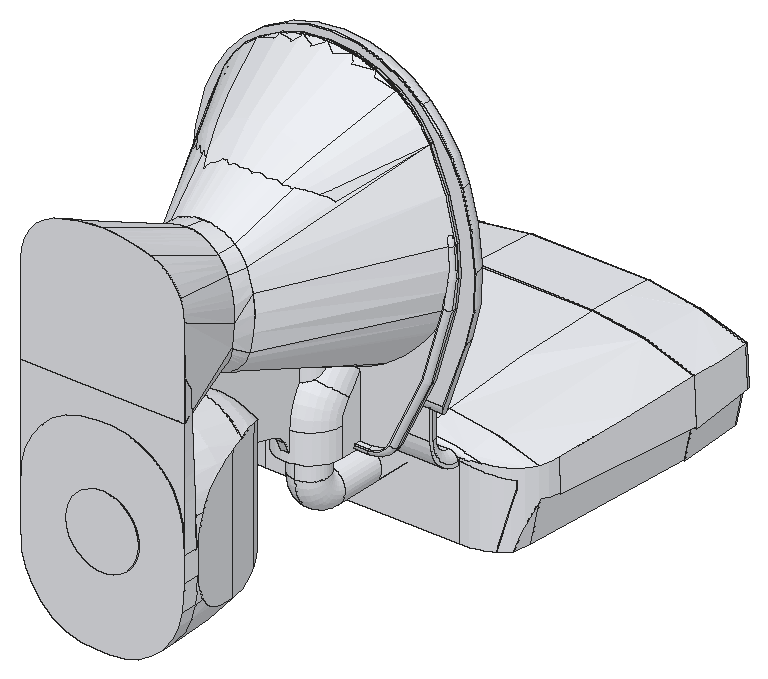
Revit family "WC-Caroma Slimline Concorde Connector Suite", category Plumbing Fixtures, host Face, Revit 2012 (continued)
Automatic sketch dimensions
  Sweep 7 sketch curve to plane 9 "Center (Front/Back)" = 148.454 mm
  plane 4 "Left" to Sweep 7 sketch curve = 228.043 mm
  Sweep 7 sketch curve to plane 4 "Left" = 48.096 mm
  Sweep 7 sketch curve to Sweep 7 sketch curve = 0 mm  (x5)
  Sweep 7 sketch curve to plane 9 "Center (Front/Back)" = 17.857 mm  (x2)
  Sweep 7 sketch curve to Sweep 7 sketch curve = 2.116 mm
  Sweep 7 sketch curve to Sweep 7 sketch curve = 30.166 mm
  Sweep 7 sketch curve to Sweep 7 sketch curve = 1.452 mm  (x2)
  Sweep 7 sketch curve to plane 11 "Cistern" = 8.091 mm  (x2)
  Sweep 7 sketch curve to plane 3 "Center (Left/Right)" = 99.154 mm
  Sweep 7 sketch curve to plane 10 "S Trap" = 8.657 mm
  Sweep 7 sketch curve to Sweep 7 sketch curve = 36.301 mm
  Sweep 7 sketch curve to plane 3 "Center (Left/Right)" = 46.215 mm
  plane 3 "Center (Left/Right)" to Sweep 7 sketch curve = 46.215 mm
  plane 3 "Center (Left/Right)" to Sweep 7 sketch curve = 62.853 mm
  Sweep 7 sketch curve to plane 5 "Right" = 79.714 mm
  Sweep 7 sketch curve to plane 5 "Right" = 50.212 mm
  Sweep 7 sketch curve to Sweep 7 sketch curve = 31.618 mm
  Sweep 7 sketch curve to profile plane = 0 mm
  Sweep 7 sketch curve to profile plane = 6.959 mm
  Sweep 7 sketch curve to Sweep 7 sketch curve = 2 mm
  plane 1 "Center (Elevation)" to Sweep 7 sketch curve = 36.633 mm
  Sweep 7 sketch curve to Sweep 7 sketch curve = 2.174 mm
  plane 3 "Center (Left/Right)" to Sweep 17 sketch curve = 0 mm
  Sweep 17 sketch curve to plane 11 "Cistern" = 2.058 mm  (x3)
  Sweep 17 sketch curve to plane 3 "Center (Left/Right)" = 60.176 mm
  Sweep 17 sketch curve to plane 3 "Center (Left/Right)" = 81 mm
  Sweep 17 sketch curve to plane 4 "Left" = 9.082 mm
  Sweep 17 sketch curve to plane 4 "Left" = 4.165 mm
  Sweep 17 sketch curve to plane 4 "Left" = 1.944 mm
  Sweep 17 sketch curve to Sweep 17 sketch curve = 0 mm  (x5)
  Sweep 17 sketch curve to plane 5 "Right" = 31.4 mm
  Sweep 17 sketch curve to plane 5 "Right" = 9.082 mm
  Sweep 17 sketch curve to plane 5 "Right" = 4.165 mm
  Sweep 17 sketch curve to plane 5 "Right" = 1.944 mm
  Sweep 17 sketch curve to level = 59.911 mm  (x2)
  plane 13 "Inlet Depth" to Sweep 17 sketch curve = 23.089 mm  (x2)
  Sweep 17 sketch curve to plane 4 "Left" = 31.4 mm
  Sweep 17 sketch curve to Sweep 17 sketch curve = 208.77 mm
  profile plane to Sweep 17 sketch curve = 0.451 mm
  Sweep 17 sketch curve to profile plane = 1.125 mm
  Sweep 17 sketch curve to profile plane = 4.903 mm
  Sweep 17 sketch curve to Sweep 17 sketch curve = 4.615 mm
  Sweep 17 sketch curve to profile plane = 14.081 mm
  Sweep 17 sketch curve to profile plane = 21.523 mm
  Sweep 17 sketch curve to Sweep 17 sketch curve = 6.529 mm
  Sweep 17 sketch curve to Sweep 17 sketch curve = 3.187 mm
  Sweep 17 sketch curve to plane 1 "Center (Elevation)" = 24.453 mm
  Sweep 17 sketch curve to plane 1 "Center (Elevation)" = 120.619 mm
  Sweep 17 sketch curve to Sweep 17 sketch curve = 387.887 mm
  Sweep 17 sketch curve to plane 1 "Center (Elevation)" = 303.955 mm
  Sweep 17 sketch curve to Sweep 17 sketch curve = 665.06 mm
  Sweep 17 sketch curve to plane 1 "Center (Elevation)" = 294.732 mm
  plane 3 "Center (Left/Right)" to Extrusion 18 sketch curve = 0 mm
  Extrusion 18 sketch curve to plane 3 "Center (Left/Right)" = 60.176 mm
  Extrusion 18 sketch curve to plane 11 "Cistern" = 33.256 mm  (x2)
  Extrusion 18 sketch curve to plane 3 "Center (Left/Right)" = 79.414 mm
  Extrusion 18 sketch curve to Extrusion 18 sketch curve = 0 mm
  Extrusion 18 sketch curve to plane 4 "Left" = 61.956 mm
  Extrusion 18 sketch curve to plane 4 "Left" = 34.671 mm
  Extrusion 18 sketch curve to Extrusion 18 sketch curve = 0.367 mm  (x2)
  plane 3 "Center (Left/Right)" to Extrusion 18 sketch curve = 60.176 mm
  plane 3 "Center (Left/Right)" to Extrusion 18 sketch curve = 79.414 mm
  Extrusion 18 sketch curve to plane 5 "Right" = 61.956 mm
  Extrusion 18 sketch curve to plane 5 "Right" = 34.671 mm
  level to Extrusion 18 sketch curve = 87.178 mm
  Extrusion 18 sketch curve to Extrusion 18 sketch curve = 10.503 mm  (x2)
  Extrusion 18 sketch curve to level = 53.416 mm
  plane 1 "Center (Elevation)" to Extrusion 19 sketch curve = 0 mm  (x2)
  plane 4 "Left" to Extrusion 19 sketch curve = 36.822 mm
  Extrusion 19 sketch curve to plane 4 "Left" = 15.627 mm
  Extrusion 19 sketch curve to Extrusion 19 sketch curve = 75.888 mm
  Extrusion 19 sketch curve to plane 5 "Right" = 91.515 mm
  Extrusion 19 sketch curve to plane 5 "Right" = 15.627 mm
  plane 5 "Right" to Extrusion 19 sketch curve = 36.822 mm
  Extrusion 19 sketch curve to plane 1 "Center (Elevation)" = 24.453 mm  (x2)
  Extrusion 20 sketch curve to level = 0 mm
  Extrusion 20 sketch curve to plane 12 "Seat" = 99.816 mm
  plane 6 "Top" to Extrusion 20 sketch curve = 45.184 mm
  Extrusion 20 sketch curve to level = 105 mm
  profile plane to Sweep 21 sketch curve = 0 mm
  Sweep 21 sketch curve to plane 3 "Center (Left/Right)" = 0 mm  (x2)
  Sweep 21 sketch curve to plane 3 "Center (Left/Right)" = 118 mm
  Sweep 21 sketch curve to Sweep 21 sketch curve = 12 mm
  profile plane to Sweep 21 sketch curve = 12 mm
  plane 3 "Center (Left/Right)" to Sweep 21 sketch curve = 118 mm
  Sweep 21 sketch curve to Sweep 21 sketch curve = 5 mm
  plane 1 "Center (Elevation)" to Sweep 21 sketch curve = 5.5 mm
  plane 11 "Cistern" to Sweep 21 sketch curve = 1.985 mm
  Sweep 21 sketch curve to plane 1 "Center (Elevation)" = 27.686 mm
  Sweep 21 sketch curve to Sweep 21 sketch curve = 21.814 mm
  plane 10 "S Trap" to Sweep 21 sketch curve = 32.099 mm
  Sweep 22 sketch curve to profile plane = 0 mm
  Sweep 22 sketch curve to plane 1 "Center (Elevation)" = 5.5 mm
  Sweep 22 sketch curve to profile plane = 30 mm
  Sweep 22 sketch curve to Sweep 22 sketch curve = 12.02 mm
  Sweep 22 sketch curve to Sweep 22 sketch curve = 2 mm
  Sweep 22 sketch curve to plane 11 "Cistern" = 0 mm
  Sweep 22 sketch curve to plane 3 "Center (Left/Right)" = 0 mm
  Sweep 22 sketch curve to plane 3 "Center (Left/Right)" = 19.772 mm
  Sweep 22 sketch curve to plane 3 "Center (Left/Right)" = 42.717 mm
  plane 8 "Front" to Sweep 22 sketch curve = 66.999 mm
  Sweep 22 sketch curve to plane 4 "Left" = 103.293 mm
  Sweep 22 sketch curve to Sweep 22 sketch curve = 0 mm  (x6)
  Sweep 22 sketch curve to plane 4 "Left" = 92.887 mm
  Sweep 22 sketch curve to plane 4 "Left" = 54.888 mm
  Sweep 22 sketch curve to plane 4 "Left" = 48.997 mm
  Sweep 22 sketch curve to plane 4 "Left" = 43.257 mm
  Sweep 22 sketch curve to plane 4 "Left" = 30.246 mm
  plane 3 "Center (Left/Right)" to Sweep 22 sketch curve = 19.772 mm
  plane 3 "Center (Left/Right)" to Sweep 22 sketch curve = 42.717 mm
  Sweep 22 sketch curve to plane 5 "Right" = 103.293 mm
  plane 11 "Cistern" to Sweep 22 sketch curve = 0.187 mm
  Sweep 22 sketch curve to plane 5 "Right" = 92.821 mm
  Sweep 22 sketch curve to plane 5 "Right" = 54.888 mm
  Sweep 22 sketch curve to plane 5 "Right" = 48.997 mm
  Sweep 22 sketch curve to plane 5 "Right" = 43.257 mm
  Sweep 22 sketch curve to plane 5 "Right" = 30.246 mm
  Sweep 22 sketch curve to Sweep 22 sketch curve = 141.762 mm
  Extrusion 23 sketch curve to plane 3 "Center (Left/Right)" = 0 mm
  Extrusion 23 sketch curve to plane 3 "Center (Left/Right)" = 19.772 mm
  Extrusion 23 sketch curve to plane 3 "Center (Left/Right)" = 42.717 mm
  Extrusion 23 sketch curve to plane 3 "Center (Left/Right)" = 100.547 mm
  Extrusion 23 sketch curve to plane 3 "Center (Left/Right)" = 92.944 mm
  Extrusion 23 sketch curve to Extrusion 23 sketch curve = 0 mm  (x5)
  Extrusion 23 sketch curve to Extrusion 23 sketch curve = 43.257 mm  (x2)
  plane 9 "Center (Front/Back)" to Extrusion 23 sketch curve = 13.854 mm  (x2)
  Extrusion 23 sketch curve to plane 4 "Left" = 82.917 mm
  Extrusion 23 sketch curve to plane 9 "Center (Front/Back)" = 61.417 mm  (x2)
  Extrusion 23 sketch curve to Extrusion 23 sketch curve = 10.712 mm  (x2)
  Extrusion 23 sketch curve to Extrusion 23 sketch curve = 17.317 mm
  plane 3 "Center (Left/Right)" to Extrusion 23 sketch curve = 19.772 mm
  plane 3 "Center (Left/Right)" to Extrusion 23 sketch curve = 42.717 mm
  plane 10 "S Trap" to Extrusion 23 sketch curve = 15 mm
  plane 3 "Center (Left/Right)" to Extrusion 23 sketch curve = 100.547 mm
  plane 3 "Center (Left/Right)" to Extrusion 23 sketch curve = 92.944 mm
  Extrusion 23 sketch curve to plane 5 "Right" = 82.917 mm
  Extrusion 24 sketch curve to plane 12 "Seat" = 11.133 mm
  Extrusion 24 sketch curve to plane 12 "Seat" = 4 mm
  plane 1 "Center (Elevation)" to Extrusion 24 sketch curve = 10.5 mm
  Extrusion 24 sketch curve to Extrusion 24 sketch curve = 9.35 mm
  Extrusion 24 sketch curve to plane 11 "Cistern" = 10.466 mm
  plane 10 "S Trap" to Extrusion 24 sketch curve = 32.534 mm
  Extrusion 25 sketch curve to plane 3 "Center (Left/Right)" = 38.5 mm
  Extrusion 25 sketch curve to Extrusion 25 sketch curve = 0 mm  (x2)
  plane 3 "Center (Left/Right)" to Extrusion 25 sketch curve = 38.5 mm
  Extrusion 25 sketch curve to Extrusion 25 sketch curve = 15 mm
  plane 13 "Inlet Depth" to Extrusion 25 sketch curve = 36.635 mm
  Extrusion 25 sketch curve to Extrusion 25 sketch curve = 5.081 mm  (x2)
  Extrusion 26 sketch curve to plane 3 "Center (Left/Right)" = 51 mm
  Extrusion 26 sketch curve to Extrusion 26 sketch curve = 12.5 mm  (x2)
  Extrusion 26 sketch curve to Extrusion 26 sketch curve = 0 mm  (x2)
  Extrusion 26 sketch curve to Extrusion 26 sketch curve = 17.651 mm
  Extrusion 26 sketch curve to Extrusion 26 sketch curve = 1.813 mm
  Extrusion 26 sketch curve to Extrusion 26 sketch curve = 2.994 mm  (x2)
  Extrusion 26 sketch curve to Extrusion 26 sketch curve = 0.906 mm  (x2)
  Extrusion 26 sketch curve to plane 3 "Center (Left/Right)" = 7.118 mm
  Extrusion 26 sketch curve to plane 3 "Center (Left/Right)" = 1.405 mm
  plane 3 "Center (Left/Right)" to Extrusion 26 sketch curve = 38.5 mm
  plane 13 "Inlet Depth" to Extrusion 26 sketch curve = 39.135 mm  (x2)
  Extrusion 26 sketch curve to Extrusion 26 sketch curve = 1 mm
  Extrusion 26 sketch curve to Extrusion 26 sketch curve = 1.155 mm
  Extrusion 26 sketch curve to Extrusion 26 sketch curve = 5.081 mm  (x2)
  Extrusion 26 sketch curve to Extrusion 26 sketch curve = 2 mm
  Extrusion 26 sketch curve to Extrusion 26 sketch curve = 1.423 mm
  Extrusion 27 sketch curve to plane 3 "Center (Left/Right)" = 110 mm
  plane 13 "Inlet Depth" to Extrusion 27 sketch curve = 28 mm
  Masking region 1 sketch curve to Masking region 1 sketch curve = 0 mm  (x4)
  Masking region 1 sketch curve to plane 4 "Left" = 0 mm
  Masking region 1 sketch curve to plane 12 "Seat" = 0 mm  (x2)
  plane 1 "Center (Elevation)" to Masking region 1 sketch curve = 0 mm  (x2)
  plane 7 "Bottom" to Masking region 1 sketch curve = 0 mm
  Masking region 1 sketch curve to plane 3 "Center (Left/Right)" = 0 mm
  Masking region 1 sketch curve to plane 5 "Right" = 0 mm
  Masking region 1 sketch curve to plane 6 "Top" = 0 mm
  plane 4 "Left" to Masking region 1 sketch curve = 339.925 mm
  Masking region 1 sketch curve to plane 6 "Top" = 204.495 mm
  plane 4 "Left" to Masking region 1 sketch curve = 358.521 mm
  Masking region 1 sketch curve to plane 4 "Left" = 5 mm
  Masking region 1 sketch curve to plane 4 "Left" = 16.609 mm
  Masking region 1 sketch curve to plane 4 "Left" = 34.935 mm
  Masking region 1 sketch curve to Masking region 1 sketch curve = 10.973 mm
  plane 12 "Seat" to Masking region 1 sketch curve = 10 mm
  Masking region 1 sketch curve to plane 6 "Top" = 25.786 mm  (x2)
  Masking region 1 sketch curve to Masking region 1 sketch curve = 47.562 mm
  Masking region 1 sketch curve to Masking region 1 sketch curve = 2.829 mm  (x2)
  Masking region 1 sketch curve to plane 12 "Seat" = 21.557 mm  (x2)
  Masking region 1 sketch curve to Masking region 1 sketch curve = 3.688 mm
  Masking region 1 sketch curve to Masking region 1 sketch curve = 38.567 mm
  Masking region 1 sketch curve to Masking region 1 sketch curve = 69.904 mm
  Masking region 1 sketch curve to Masking region 1 sketch curve = 10.624 mm  (x2)
  Masking region 1 sketch curve to plane 3 "Center (Left/Right)" = 110 mm
  plane 12 "Seat" to Masking region 1 sketch curve = 0.305 mm  (x2)
  Masking region 1 sketch curve to Masking region 1 sketch curve = 63.417 mm
  plane 3 "Center (Left/Right)" to Masking region 1 sketch curve = 63.417 mm
  plane 3 "Center (Left/Right)" to Masking region 1 sketch curve = 108.004 mm
  plane 3 "Center (Left/Right)" to Masking region 1 sketch curve = 110 mm
  Masking region 1 sketch curve to Masking region 1 sketch curve = 21.897 mm
  Masking region 1 sketch curve to plane 5 "Right" = 86.513 mm
  Masking region 1 sketch curve to plane 1 "Center (Elevation)" = 25.03 mm  (x2)
  Masking region 1 sketch curve to Masking region 1 sketch curve = 66.486 mm
  Masking region 1 sketch curve to Masking region 1 sketch curve = 1.634 mm
  Masking region 1 sketch curve to Masking region 1 sketch curve = 15.436 mm
  Masking region 1 sketch curve to plane 5 "Right" = 16.609 mm
  Masking region 1 sketch curve to Masking region 1 sketch curve = 5 mm
  plane 7 "Bottom" to Masking region 1 sketch curve = 90.259 mm
  Masking region 1 sketch curve to Masking region 1 sketch curve = 454.925 mm
  Masking region 1 sketch curve to plane 1 "Center (Elevation)" = 91.336 mm  (x2)
  Masking region 1 sketch curve to Masking region 1 sketch curve = 20.137 mm  (x2)
  curve 11 to plane 12 "Seat" = 0 mm
  plane 1 "Center (Elevation)" to curve 9 = 0 mm
  plane 4 "Left" to curve 5 = 358.521 mm
  plane 4 "Left" to curve 1 = 193.707 mm
  curve 12 to plane 4 "Left" = 5 mm
  curve 7 to plane 4 "Left" = 16.609 mm
  plane 12 "Seat" to curve 10 = 10 mm
  curve 10 to plane 4 "Left" = 34.935 mm
  curve 10 to curve 11 = 15.436 mm
  curve 11 to curve 2 = 3.688 mm
  curve 11 to curve 8 = 34.104 mm
  curve 7 to curve 7 = 69.904 mm
  curve 8 to curve 9 = 10.624 mm
  curve 3 to plane 4 "Left" = 103.398 mm
  curve 1 to plane 7 "Bottom" = 23.396 mm
  curve 1 to plane 3 "Center (Left/Right)" = 106.456 mm
  curve 3 to curve 3 = 49.27 mm
  curve 2 to curve 3 = 0 mm
  curve 3 to curve 1 = 9.649 mm
  curve 3 to curve 1 = 0 mm
  plane 3 "Center (Left/Right)" to curve 6 = 62.683 mm
  curve 4 to curve 6 = 0 mm
  curve 6 to curve 5 = 9.649 mm
  curve 6 to curve 5 = 0 mm
  curve 4 to plane 7 "Bottom" = 23.396 mm
  plane 3 "Center (Left/Right)" to curve 4 = 106.456 mm
  curve 6 to curve 6 = 49.27 mm
  curve 9 to plane 5 "Right" = 95.099 mm
  curve 9 to curve 8 = 10.624 mm
  curve 5 to plane 12 "Seat" = 21.557 mm
  curve 9 to curve 5 = 41.041 mm
  curve 5 to curve 11 = 3.688 mm
  curve 11 to curve 10 = 15.436 mm
  curve 12 to plane 5 "Right" = 5 mm
  curve 4 to plane 12 "Seat" = 192.36 mm
  curve 2 to plane 6 "Top" = 204.495 mm
  curve 12 to curve 2 = 363.521 mm
  curve 8 to plane 1 "Center (Elevation)" = 25.03 mm
  curve 7 to plane 1 "Center (Elevation)" = 91.336 mm
  curve 12 to plane 6 "Top" = 109.659 mm
  Masking region 2 sketch curve to Masking region 2 sketch curve = 0 mm  (x11)
  Masking region 2 sketch curve to plane 7 "Bottom" = 0 mm
  Masking region 2 sketch curve to plane 11 "Cistern" = 0 mm  (x2)
  Masking region 2 sketch curve to level = 0 mm
  plane 7 "Bottom" to Masking region 2 sketch curve = 358.965 mm
  Masking region 2 sketch curve to plane 7 "Bottom" = 19.31 mm
  plane 10 "S Trap" to Masking region 2 sketch curve = 21.917 mm
  Masking region 2 sketch curve to plane 7 "Bottom" = 105.071 mm
  plane 13 "Inlet Depth" to Masking region 2 sketch curve = 43.646 mm
  Masking region 2 sketch curve to Masking region 2 sketch curve = 38.217 mm
  plane 10 "S Trap" to Masking region 2 sketch curve = 4.43 mm
  Masking region 2 sketch curve to Masking region 2 sketch curve = 41.462 mm
  Masking region 2 sketch curve to Masking region 2 sketch curve = 131.763 mm
  Masking region 2 sketch curve to Masking region 2 sketch curve = 17.702 mm
  Masking region 2 sketch curve to Masking region 2 sketch curve = 28.096 mm
  Masking region 2 sketch curve to Masking region 2 sketch curve = 5.966 mm
  Masking region 2 sketch curve to Masking region 2 sketch curve = 11.476 mm
  Masking region 2 sketch curve to Masking region 2 sketch curve = 12.892 mm
  Masking region 2 sketch curve to plane 11 "Cistern" = 27.543 mm
  Masking region 2 sketch curve to Masking region 2 sketch curve = 21.635 mm
  Masking region 2 sketch curve to plane 10 "S Trap" = 9.443 mm
  Masking region 2 sketch curve to Masking region 2 sketch curve = 17.281 mm
  Masking region 2 sketch curve to plane 10 "S Trap" = 7.057 mm
  Masking region 2 sketch curve to Masking region 2 sketch curve = 1.307 mm
  Masking region 2 sketch curve to Masking region 2 sketch curve = 3.278 mm
  Masking region 2 sketch curve to plane 12 "Seat" = 39.555 mm  (x2)
  plane 13 "Inlet Depth" to Masking region 2 sketch curve = 17.032 mm
  Masking region 2 sketch curve to Masking region 2 sketch curve = 5 mm
  plane 8 "Front" to Masking region 2 sketch curve = 6.995 mm
  Masking region 2 sketch curve to plane 12 "Seat" = 28.462 mm
  Masking region 2 sketch curve to plane 12 "Seat" = 14.955 mm
  Masking region 2 sketch curve to plane 12 "Seat" = 12.833 mm  (x2)
  Masking region 2 sketch curve to plane 12 "Seat" = 6.844 mm
  Masking region 2 sketch curve to plane 12 "Seat" = 5.7 mm
  plane 8 "Front" to Masking region 2 sketch curve = 2.268 mm
  plane 12 "Seat" to Masking region 2 sketch curve = 8.234 mm
  Masking region 2 sketch curve to plane 11 "Cistern" = 0.513 mm  (x2)
  plane 12 "Seat" to Masking region 2 sketch curve = 8.3 mm
  plane 12 "Seat" to Masking region 2 sketch curve = 8.464 mm  (x2)
  plane 12 "Seat" to Masking region 2 sketch curve = 11.179 mm
  plane 1 "Center (Elevation)" to Masking region 2 sketch curve = 9.385 mm
  Masking region 2 sketch curve to Masking region 2 sketch curve = 4.651 mm
  plane 1 "Center (Elevation)" to Masking region 2 sketch curve = 3.403 mm
  Masking region 2 sketch curve to plane 1 "Center (Elevation)" = 3.62 mm
  Masking region 2 sketch curve to plane 1 "Center (Elevation)" = 6.8 mm
  Masking region 2 sketch curve to plane 13 "Inlet Depth" = 5.39 mm
  Masking region 2 sketch curve to plane 1 "Center (Elevation)" = 14.31 mm
  Masking region 2 sketch curve to Masking region 2 sketch curve = 9.91 mm
  Masking region 2 sketch curve to plane 1 "Center (Elevation)" = 55.452 mm
  plane 11 "Cistern" to Masking region 2 sketch curve = 3.989 mm
  Masking region 2 sketch curve to Masking region 2 sketch curve = 72.939 mm
  Masking region 2 sketch curve to plane 6 "Top" = 173.848 mm
  Masking region 2 sketch curve to plane 11 "Cistern" = 0.77 mm
  Masking region 2 sketch curve to Masking region 2 sketch curve = 55 mm
  plane 11 "Cistern" to Masking region 2 sketch curve = 1.989 mm
  Masking region 2 sketch curve to Masking region 2 sketch curve = 15.18 mm
  Masking region 2 sketch curve to Masking region 2 sketch curve = 25 mm
  Masking region 2 sketch curve to plane 6 "Top" = 23.19 mm
  Masking region 2 sketch curve to plane 6 "Top" = 19.298 mm
  Masking region 2 sketch curve to Masking region 2 sketch curve = 1.591 mm
  Masking region 2 sketch curve to plane 6 "Top" = 10.556 mm
  Masking region 2 sketch curve to Masking region 2 sketch curve = 7.422 mm  (x2)
  level to Masking region 2 sketch curve = 44.665 mm
  Masking region 2 sketch curve to Masking region 2 sketch curve = 10.211 mm
  plane 10 "S Trap" to Masking region 2 sketch curve = 14.214 mm
  Masking region 2 sketch curve to Masking region 2 sketch curve = 46.994 mm
  Masking region 2 sketch curve to Masking region 2 sketch curve = 18.673 mm
  Masking region 2 sketch curve to Masking region 2 sketch curve = 7.224 mm
  curve 26 to plane 11 "Cistern" = 0 mm
  curve 33 to plane 11 "Cistern" = 0 mm
  curve 22 to level = 0 mm
  curve 20 to level = 0 mm
  curve 34 to plane 9 "Center (Front/Back)" = 18.853 mm
  plane 7 "Bottom" to curve 34 = 54.402 mm
  curve 13 to plane 7 "Bottom" = 87.302 mm
  plane 10 "S Trap" to curve 17 = 26.345 mm
  curve 17 to plane 7 "Bottom" = 100.135 mm
  curve 17 to plane 9 "Center (Front/Back)" = 6.977 mm
  curve 17 to plane 7 "Bottom" = 112.324 mm
  curve 16 to curve 17 = 0 mm
  curve 16 to curve 16 = 0.401 mm  (x2)
  curve 13 to curve 16 = 0 mm
  plane 9 "Center (Front/Back)" to curve 14 = 12.16 mm
  curve 17 to curve 14 = 96.928 mm
  plane 10 "S Trap" to curve 17 = 13.401 mm
  curve 17 to curve 19 = 77.666 mm
  curve 19 to curve 14 = 3.389 mm
  curve 15 to curve 14 = 0 mm
  curve 19 to curve 19 = 4.061 mm
  curve 18 to curve 26 = 4.586 mm
  curve 15 to curve 15 = 5.923 mm
  curve 15 to curve 15 = 12.787 mm
  curve 19 to curve 19 = 20.522 mm
  curve 26 to plane 12 "Seat" = 39.555 mm
  curve 31 to plane 12 "Seat" = 28.848 mm
  curve 34 to plane 12 "Seat" = 12.833 mm
  curve 29 to plane 12 "Seat" = 6.844 mm
  plane 12 "Seat" to curve 31 = 1.009 mm
  curve 30 to curve 31 = 0 mm
  plane 12 "Seat" to curve 25 = 3.458 mm
  plane 8 "Front" to curve 32 = 1.601 mm
  plane 12 "Seat" to curve 32 = 3.526 mm
  plane 12 "Seat" to curve 30 = 5.466 mm
  curve 30 to curve 32 = 2.73 mm
  plane 12 "Seat" to curve 27 = 8.464 mm
  curve 32 to curve 30 = 2.982 mm
  curve 29 to curve 30 = 0 mm
  plane 12 "Seat" to curve 28 = 11.179 mm
  curve 27 to curve 23 = 4.651 mm
  curve 27 to curve 24 = 4.651 mm
  plane 1 "Center (Elevation)" to curve 25 = 9.385 mm
  plane 1 "Center (Elevation)" to curve 29 = 3.403 mm
  curve 25 to plane 1 "Center (Elevation)" = 12.965 mm
  curve 22 to plane 1 "Center (Elevation)" = 14.31 mm
  curve 23 to curve 21 = 5.484 mm
  curve 20 to plane 11 "Cistern" = 0.77 mm
  curve 20 to plane 6 "Top" = 118.848 mm
  curve 21 to plane 6 "Top" = 17.706 mm
  plane 6 "Top" to curve 14 = 1027.741 mm
  plane 13 "Inlet Depth" to curve 23 = 9.61 mm
  curve 23 to curve 27 = 7.422 mm
  plane 13 "Inlet Depth" to curve 21 = 22.665 mm
  curve 27 to curve 25 = 31.038 mm
  curve 25 to curve 27 = 18.962 mm
  curve 27 to curve 24 = 7.422 mm
  curve 24 to curve 25 = 1.571 mm
  curve 25 to curve 22 = 18.857 mm
  curve 18 to plane 10 "S Trap" = 7.057 mm
  plane 10 "S Trap" to curve 31 = 13.909 mm
  plane 10 "S Trap" to curve 28 = 14.214 mm
  plane 10 "S Trap" to curve 18 = 41.581 mm
  curve 28 to curve 31 = 46 mm
  curve 30 to curve 32 = 1.242 mm
  curve 29 to curve 34 = 5.325 mm
  curve 33 to plane 8 "Front" = 11.782 mm
  Masking region 3 sketch curve to Masking region 3 sketch curve = 0 mm  (x13)
  Masking region 3 sketch curve to level = 0 mm
  Masking region 3 sketch curve to plane 3 "Center (Left/Right)" = 0 mm  (x2)
  plane 3 "Center (Left/Right)" to Masking region 3 sketch curve = 0 mm
  Masking region 3 sketch curve to plane 8 "Front" = 0 mm
  Masking region 3 sketch curve to plane 3 "Center (Left/Right)" = 29.79 mm
  plane 10 "S Trap" to Masking region 3 sketch curve = 21.136 mm  (x2)
  Masking region 3 sketch curve to plane 3 "Center (Left/Right)" = 61.394 mm
  Masking region 3 sketch curve to plane 3 "Center (Left/Right)" = 84.377 mm
  Masking region 3 sketch curve to Masking region 3 sketch curve = 31.331 mm  (x2)
  plane 8 "Front" to Masking region 3 sketch curve = 26.682 mm  (x2)
  Masking region 3 sketch curve to plane 3 "Center (Left/Right)" = 94.627 mm
  Masking region 3 sketch curve to plane 11 "Cistern" = 6.864 mm
  Masking region 3 sketch curve to Masking region 3 sketch curve = 42.198 mm
  Masking region 3 sketch curve to Masking region 3 sketch curve = 38.152 mm
  Masking region 3 sketch curve to Masking region 3 sketch curve = 41.986 mm  (x2)
  plane 9 "Center (Front/Back)" to Masking region 3 sketch curve = 7.757 mm  (x2)
  Masking region 3 sketch curve to Masking region 3 sketch curve = 55.37 mm  (x2)
  Masking region 3 sketch curve to plane 4 "Left" = 53.289 mm
  Masking region 3 sketch curve to plane 4 "Left" = 30.809 mm
  level to Masking region 3 sketch curve = 7.921 mm  (x2)
  Masking region 3 sketch curve to Masking region 3 sketch curve = 9.781 mm  (x2)
  Masking region 3 sketch curve to plane 4 "Left" = 18.249 mm
  Masking region 3 sketch curve to Masking region 3 sketch curve = 3.083 mm  (x2)
  Masking region 3 sketch curve to plane 4 "Left" = 12.542 mm
  Masking region 3 sketch curve to plane 4 "Left" = 6.73 mm
  Masking region 3 sketch curve to plane 4 "Left" = 4.014 mm
  plane 8 "Front" to Masking region 3 sketch curve = 59.624 mm
  plane 4 "Left" to Masking region 3 sketch curve = 227.45 mm
  plane 3 "Center (Left/Right)" to Masking region 3 sketch curve = 29.79 mm
  plane 3 "Center (Left/Right)" to Masking region 3 sketch curve = 61.394 mm
  Masking region 3 sketch curve to Masking region 3 sketch curve = 84.377 mm
  plane 3 "Center (Left/Right)" to Masking region 3 sketch curve = 94.627 mm
  Masking region 3 sketch curve to Masking region 3 sketch curve = 10.868 mm
  Masking region 3 sketch curve to plane 5 "Right" = 30.809 mm
  Masking region 3 sketch curve to plane 5 "Right" = 18.249 mm
  Masking region 3 sketch curve to plane 5 "Right" = 12.542 mm
  Masking region 3 sketch curve to plane 5 "Right" = 6.73 mm
  Masking region 3 sketch curve to plane 5 "Right" = 4.014 mm
  Masking region 3 sketch curve to level = 642.107 mm
  plane 13 "Inlet Depth" to Masking region 3 sketch curve = 25.842 mm  (x2)
  Masking region 3 sketch curve to Masking region 3 sketch curve = 4.264 mm  (x2)
  Masking region 3 sketch curve to plane 11 "Cistern" = 39.676 mm
  curve 37 to plane 3 "Center (Left/Right)" = 0 mm
  curve 49 to plane 3 "Center (Left/Right)" = 0 mm
  curve 51 to plane 3 "Center (Left/Right)" = 0 mm
  plane 3 "Center (Left/Right)" to curve 35 = 0 mm
  curve 46 to plane 3 "Center (Left/Right)" = 2.458 mm
  curve 38 to plane 3 "Center (Left/Right)" = 4.444 mm
  curve 41 to plane 3 "Center (Left/Right)" = 26.001 mm
  curve 50 to plane 3 "Center (Left/Right)" = 32.427 mm
  curve 39 to curve 38 = 28.688 mm
  curve 45 to curve 50 = 3.329 mm
  curve 52 to curve 45 = 13.815 mm
  curve 48 to curve 39 = 24.777 mm
  curve 45 to plane 9 "Center (Front/Back)" = 6.607 mm
  curve 45 to curve 51 = 9.848 mm
  curve 46 to curve 45 = 0 mm
  plane 10 "S Trap" to curve 36 = 21.136 mm
  curve 36 to plane 3 "Center (Left/Right)" = 61.394 mm
  plane 8 "Front" to curve 42 = 60.7 mm
  curve 42 to plane 3 "Center (Left/Right)" = 93.368 mm
  curve 43 to curve 42 = 0 mm
  curve 35 to plane 11 "Cistern" = 6.864 mm
  curve 35 to curve 36 = 42.198 mm
  curve 45 to curve 44 = 0 mm
  curve 44 to plane 4 "Left" = 82.971 mm
  curve 43 to curve 44 = 0 mm
  plane 3 "Center (Left/Right)" to curve 41 = 2.458 mm
  plane 3 "Center (Left/Right)" to curve 43 = 4.444 mm
  curve 46 to plane 8 "Front" = 19.89 mm
  plane 3 "Center (Left/Right)" to curve 46 = 26.001 mm
  curve 52 to curve 50 = 25.483 mm
  curve 52 to curve 40 = 3.329 mm
  curve 40 to plane 9 "Center (Front/Back)" = 6.607 mm
  curve 41 to curve 40 = 0 mm
  plane 3 "Center (Left/Right)" to curve 36 = 61.394 mm
  plane 8 "Front" to curve 37 = 60.7 mm
  curve 38 to curve 37 = 0 mm
  curve 40 to curve 39 = 0 mm
  curve 39 to plane 5 "Right" = 82.971 mm
  curve 35 to plane 5 "Right" = 15.166 mm
  level to curve 35 = 114.44 mm
  curve 51 to curve 45 = 33.298 mm
  curve 49 to curve 38 = 11.127 mm
  curve 37 to curve 51 = 8.593 mm
  curve 37 to curve 42 = 0 mm
  curve 44 to plane 9 "Center (Front/Back)" = 46.215 mm
  curve 40 to curve 50 = 13.815 mm
  curve 50 to curve 41 = 9.848 mm
  curve 39 to plane 9 "Center (Front/Back)" = 46.215 mm
  curve 59 to plane 3 "Center (Left/Right)" = 53.5 mm
  curve 59 to curve 59 = 15 mm
  curve 56 to curve 59 = 0 mm
  plane 3 "Center (Left/Right)" to curve 53 = 38.5 mm
  curve 56 to curve 53 = 0 mm
  curve 53 to curve 54 = 15 mm
  plane 13 "Inlet Depth" to curve 60 = 36.635 mm
  curve 58 to curve 58 = 5.081 mm
  curve 61 to plane 3 "Center (Left/Right)" = 19.306 mm
  curve 61 to plane 3 "Center (Left/Right)" = 2.948 mm
  curve 61 to curve 60 = 0 mm
  curve 61 to curve 57 = 0 mm
  radius of Extrusion 1 sketch curve = 50 mm
  radius of Sweep 8 sketch curve = 25 mm
  radius of Sweep 8 sketch curve = 22 mm
  radius of Extrusion 27 sketch curve = 10 mm
Connectors
  piping at (0, -422.5, 165)
    settings: on Extrusion 1, index 1, connector radius 1.9685", flow factor 0, pipe flow 0 GPM, pressure drop 0.00 psi, fitting loss kfactor 0, connector angle 0.00°, fixture units 0, engagement length 0 mm, flow configuration 3, flow direction 2, fitting loss method 0, system type 16, joint type 0, gender type 0, connector reference index -1, connector utility 0, adjustable connector no, is connector primary yes, fitting loss table "", connector description "S Trap"
  piping at (-110, 24.453, 50)
    settings: on Extrusion 27, index 2, connector radius 0.49213", flow factor 0, pipe flow 0 GPM, pressure drop 0.00 psi, fitting loss kfactor 0, connector angle 0.00°, fixture units 0, engagement length 0 mm, flow configuration 3, flow direction 1, fitting loss method 0, system type 20, joint type 0, gender type 0, connector reference index -1, connector utility 0, adjustable connector no, is connector primary no, fitting loss table "", connector description ""
